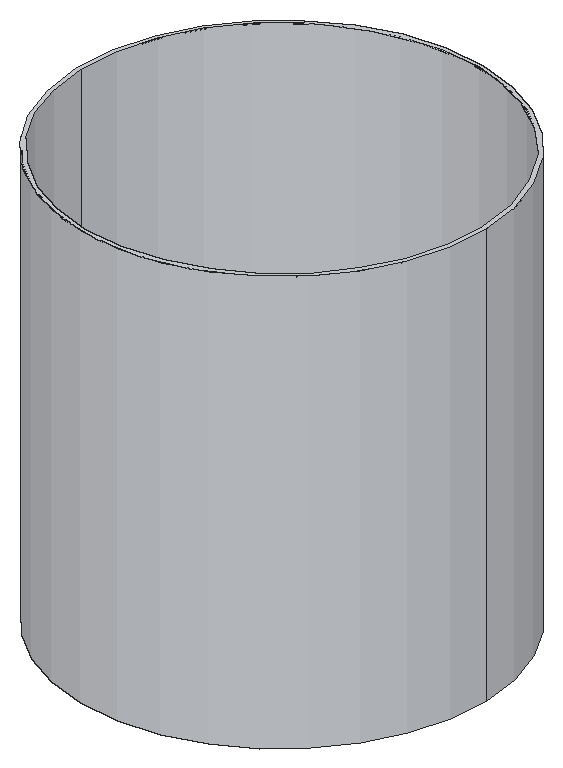
Revit family "Cx_Sifonada_Prolongamento", category Plumbing Fixtures, Revit 2025
Family settings
  Round Connector Dimension = Use Diameter
  Part Type = Normal
  Work Plane-Based = Yes
  Enable Cutting in Views = No
  Always vertical = No
  Cut with Voids When Loaded = No
  Maintain Annotation Orientation = No
  Shared = Yes
  Room Calculation Point = No
Parameters (values of type "100 x 100 mm")
  Unifilar = Diâmetro Nominal * 0.4  # 40 mm
  URL = "http://www.tigre.com.br"
  Type Comments = ""
  Tigre: Sistema = "Esgoto"  # constant formula
  Tigre: Norma = ""
  Tigre: Material = "PVC Branco"  # constant formula
  Tigre: Marcador [instance] = "00"
  Tigre: Link do Produto = "http://www.tigre.com.br/pt/produtos_unico.php?rcr_id=4&cpr_id=10&cpr_id_pai=4&lnh_id=11&prd_id=150"
  Tigre: Linha = "Caixas e Ralos"  # constant formula
  Tigre: Fabricante = "© Tigre S/A"  # constant formula
  Tigre: Descrição = "Prolongamento p/ Caixa Sifonada 100 x 100mm, Esgoto - TIGRE"
  Tigre: Código com Separador [instance] = "27.30.748.5"
  Tigre: Código [instance] = 27307485
  Tigre: Comentários [instance] = ""
  Raio Nominal = 50 mm
  Raio Externo = 48.4 mm
  Raio Interno = 0.98 * Raio Externo  # 47.432 mm
  Model = ""
  Manufacturer = Tigre: Fabricante  # "© Tigre S/A"
  Diâmetro Nominal = Raio Nominal * 2  # 100 mm
  Description = Tigre: Descrição  # "Prolongamento p/ Caixa Sifonada 100 x 100mm, Esgoto - TIGRE"
  Default Elevation = 0.00 mm
  Comprimento do Tubo [instance] = 100 mm
  Acabamento [instance] = none
Types (7, lengths in mm): name | Unifilar | Tigre: Descrição | Tigre: Código com Separador | Tigre: Código | Raio Nominal | Raio Externo | Raio Interno | Diâmetro Nominal | Description | Comprimento do Tubo
  (no name) | 40 | "Prolongamento p/ Caixa Sifonada 100 x 100mm, Esgoto - TIGRE" | "27.30.748.5" | 27307485 | 50 | 48.4 | 47.432 | 100 | "Prolongamento p/ Caixa Sifonada 100 x 100mm, Esgoto - TIGRE" | 100
  100 x 100 mm | 40 | "Prolongamento p/ Caixa Sifonada 100 x 100mm, Esgoto - TIGRE" | "27.30.748.5" | 27307485 | 50 | 48.4 | 47.432 | 100 | "Prolongamento p/ Caixa Sifonada 100 x 100mm, Esgoto - TIGRE" | 100
  100 x 150 mm | 40 | "Prolongamento p/ Caixa Sifonada 100 x 150mm, Esgoto - TIGRE" | "27.30.749.3" | 27307493 | 50 | 48.4 | 47.432 | 100 | "Prolongamento p/ Caixa Sifonada 100 x 150mm, Esgoto - TIGRE" | 150
  100 x 200 mm | 40 | "Prolongamento p/ Caixa Sifonada 100 x 200mm, Esgoto - TIGRE" | "27.30.750.7" | 27307507 | 50 | 48.4 | 47.432 | 100 | "Prolongamento p/ Caixa Sifonada 100 x 200mm, Esgoto - TIGRE" | 200
  150 x 150 mm | 60 | "Prolongamento p/ Caixa Sifonada 150 x 150mm, Esgoto - TIGRE" | "27.30.815.5" | 27308155 | 75 | 74 | 72.52 | 150 | "Prolongamento p/ Caixa Sifonada 150 x 150mm, Esgoto - TIGRE" | 150
  150 x 200 mm | 60 | "Prolongamento p/ Caixa Sifonada 150 x 200mm, Esgoto - TIGRE" | "27.30.820.1" | 27308201 | 75 | 74 | 72.52 | 150 | "Prolongamento p/ Caixa Sifonada 150 x 200mm, Esgoto - TIGRE" | 200
  250 x 200 mm | 100 | "Prolongamento p/ Caixa Sifonada 250 x 200mm, Esgoto - TIGRE" | "27.30.900.3" | 27309003 | 125 | 123.5 | 121.03 | 250 | "Prolongamento p/ Caixa Sifonada 250 x 200mm, Esgoto - TIGRE" | 200
Reference planes
  plane 1 "Center (Front/Back)": y = 0
  plane 2: z = 0
  plane 3 "Center (Left/Right)": x = 0
  plane 4: z = -100
  plane 5: z = 0
Forms (mm)
  Sweep 1, solid, material <- "Acabamento", detail levels fine
    path origin (0, 0, 0) x (0, 0, -1) y (0, 1, 0)
      loop
        line (0, 0) -> (100, 0)
    profile origin (0, 0, -50) x (1, 0, 0) y (0, 1, 0)
      loop
        circle (0, 0) r 47.432
      loop
        circle (0, 0) r 48.4
Dimensions and locks
  "Comprimento do Tubo": plane 5 to plane 4
  "Raio Externo": radius of Sweep 1 sketch curve
  "Raio Interno": radius of Sweep 1 sketch curve
  aligned and locked: plane 1 "Center (Front/Back)" to Sweep 1 sketch curve
  aligned and locked: level to Sweep 1 sketch curve
  aligned and locked: plane 4 to Sweep 1 sketch curve
Automatic sketch dimensions
  Sweep 1 sketch curve to Sweep 1 sketch curve = 0.00 mm  (x2)
  Sweep 1 sketch curve to profile plane = 0.00 mm  (x2)
